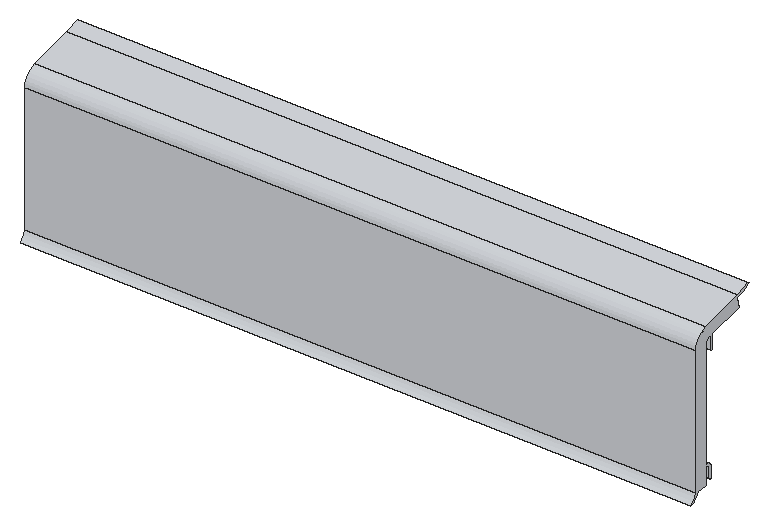
Revit family "HansWeitzel_52680", category Allgemeines Modell, Revit 2017
Family settings
  Kann Basisbauteil für Bewehrung sein = Nein
  Bemaßung runder Anschluss = Durchmesser verwenden
  Teiletyp = Normal
  Arbeitsebenenbasiert = Nein
  Immer vertikal = Ja
  Beim Laden mit Abzugskörper schneiden = Nein
  Gemeinsam genutzt = Nein
  Raumberechnungspunkt = Nein
Parameters
  max. Betriebstemperatur (°C) = 90
  Werkstoff = "PVC"
  Typname = "HZ-Sockelleiste SLF Plus Weiß, 2m"
  Tiefe (mm) = 39
  Selbstverlöschend = yes
  Profilform = "Hohlprofil"
  Profilart = "Sockelprofil"
  Menge pro Verpackungseinheit = 10
  Length3 = 400 mm
  Ist Zubehör = no
  Ist System = no
  Höhe [mm] = 95
  Hersteller = "Hans Weitzel GmbH & Co. KG"
  HeinzeBIM = "https://www.heinze.de/bim/hz-sockelleiste-slf-plus-weiss-2m/efd02a2e2b4f09da970f268e0a658b5af052e636"
  HAN = "52680"
  Gewicht unverpackt (netto) [kg] = 0.825
  GTIN = "4022023112412"
  Farbton = "weiß"
  Dekor = "Plus Weiß"
  Breite [mm] = 2000
  Brandklasse B2 = yes
  Beschreibung = "HZ-Sockelleiste SLF Plus Weiß, 2m mit zusätzl. Dichtlippe zum Boden"
  BIMSITE_PRODUCT_ID = "efd02a2e2b4f09da970f268e0a658b5af052e636"
  BIM = "https://media.live.bim.site/t/eyJhbGciOiJIUzI1NiIsInR5cCI6IkpXVCJ9.eyJjdCI6MSwidGYiOiJwdWJsaWMvaGFucy13ZWl0emVsLWdtYmgtY28ta2cvMjI1MGEyZS9IWl9TTEZfUGx1c19Qcm9maWwucmZhIiwiY2lkIjoiZmVkOThlOWEtMWJkOC00YzY4LWE3M2ItNzRhOTRlMzE1ODIzIiwicmlkIjoiOWFmOWMxYjFkZTUzOTBiMjA2Y2M0YTgxZThmYTY2ZjUiLCJwaWQiOiJlZmQwMmEyZTJiNGYwOWRhOTcwZjI2OGUwYTY1OGI1YWYwNTJlNjM2Iiwic2lkIjoiNjM1NTgiLCJ1dCI6NSwibGMiOiJkZSIsImlhdCI6MTU4MDIxNDU0NCwiaXNzIjoiaHR0cHM6Ly9hcGkubGl2ZS5iaW0uc2l0ZSIsInN1YiI6ImY1ODZjNGI2LWE1MDgtNDI3YS05ODE4LTEzMTc5NjY1NzZiYyJ9.4jqQKOLpn3IjJxUZ1T3IpZ2cwmvq-4mtlyxMLa7hz3E/HZ_SLF_Plus_Profil.rfa"
Reference planes
  plane 1 "Center (Front/Back)": y = 0
  plane 2: z = 0
  plane 3 "Center (Left/Right)": x = 0
Forms (mm)
  Extrusion 1, solid, detail levels fine
    sketch origin (0, 0, 0) x (0, 1, 0) y (0, 0, 1)
      loop
        line (-31.5, 0.791) -> (-31.5, 11) -> (-29.75, 11)
        arc (-29.75, 11) -> (-29.043, 10.707) -> (-28.75, 10) r 1
        line (-28.75, 10) -> (-28.75, 4) -> (-27.75, 3) -> (-27.75, 10)
        arc (-27.75, 10) -> (-28.336, 11.414) -> (-29.75, 12) r 2
        line (-29.75, 12) -> (-31.5, 12) -> (-31.5, 76.545)
        arc (-31.5, 76.545) -> (-30.751, 77.994) -> (-29.355, 78.837) r 3
        line (-29.355, 78.837) -> (-27.5, 79.347) -> (-27.5, 71.5) -> (-26.5, 71.5) -> (-26.5, 79.621) -> (-6.471, 85.123) -> (-8.262, 90.853) -> (-6.8, 91.255)
        arc (-6.8, 91.255) -> (-2.957, 92.708) -> (0.452, 95) r 17.898
        arc (0.452, 95) -> (-3.246, 93.447) -> (-7.065, 92.219) r 46.507
        line (-7.065, 92.219) -> (-31.209, 85.587)
        arc (-31.209, 85.587) -> (-36.496, 82.03) -> (-38.561, 76.002) r 10
        line (-38.561, 76.002) -> (-38.561, 0)
        arc (-38.561, 0) -> (-39.976, -2.72) -> (-42.026, -5) r 12.178
        arc (-42.026, -5) -> (-39.19, -2.877) -> (-37.242, 0.082) r 10.289
        line (-37.242, 0.082) -> (-31.5, 0.791)
    from -200 to 200
  Extrusion 2, solid, detail levels medium
    sketch origin (0, 0, 0) x (0, 1, 0) y (0, 0, 1)
      loop
        line (-7.065, 92.219) -> (-31.209, 85.587)
        arc (-31.209, 85.587) -> (-36.496, 82.03) -> (-38.561, 76.002) r 10
        line (-38.561, 76.002) -> (-38.561, 0)
        arc (-38.561, 0) -> (-39.976, -2.72) -> (-42.026, -5) r 12.178
        line (-42.026, -5) -> (-31.5, 0.791) -> (-31.5, 11) -> (-28.75, 11) -> (-28.75, 3) -> (-27.75, 3) -> (-27.75, 12) -> (-31.5, 12) -> (-31.5, 76.545)
        arc (-31.5, 76.545) -> (-30.751, 77.994) -> (-29.355, 78.837) r 3
        line (-29.355, 78.837) -> (-27.5, 79.347) -> (-27.5, 71.5) -> (-26.5, 71.5) -> (-26.5, 79.621) -> (-6.471, 85.123) -> (0.452, 95)
        arc (0.452, 95) -> (-3.246, 93.447) -> (-7.065, 92.219) r 46.507
    from -200 to 200
  Extrusion 3, solid, detail levels coarse
    sketch origin (0, 0, 0) x (0, 1, 0) y (0, 0, 1)
      loop
        line (-42.026, -5) -> (0.452, -5) -> (0.452, 95) -> (-42.026, 95) -> (-42.026, -5)
    from -200 to 200
Dimensions and locks
  equal spacing: Extrusion 3, plane 3 "Center (Left/Right)", Extrusion 3
  "Length3": Extrusion 3 to Extrusion 3
  aligned and locked: level to plane 2
  aligned and locked: Extrusion 1 to Extrusion 3
  aligned and locked: Extrusion 2 to Extrusion 3
  aligned and locked: Extrusion 3 to Extrusion 1
  aligned and locked: Extrusion 3 to Extrusion 2
Automatic sketch dimensions
  plane 1 "Center (Front/Back)" to Extrusion 3 sketch curve = 42.026 mm
  Extrusion 3 sketch curve to plane 1 "Center (Front/Back)" = 0.452 mm
  Extrusion 3 sketch curve to level = 5 mm
  level to Extrusion 3 sketch curve = 95 mm
  Extrusion 2 sketch curve to Extrusion 2 sketch curve = 0 mm  (x3)
  plane 1 "Center (Front/Back)" to Extrusion 2 sketch curve = 38.561 mm
  level to Extrusion 2 sketch curve = 0.791 mm
  Extrusion 2 sketch curve to Extrusion 2 sketch curve = 7.061 mm
  Extrusion 2 sketch curve to Extrusion 2 sketch curve = 0.291 mm
  Extrusion 2 sketch curve to Extrusion 2 sketch curve = 2.145 mm
  Extrusion 2 sketch curve to Extrusion 2 sketch curve = 2.75 mm
  Extrusion 2 sketch curve to Extrusion 2 sketch curve = 2.939 mm
  Extrusion 2 sketch curve to Extrusion 2 sketch curve = 1 mm  (x3)
  Extrusion 2 sketch curve to Extrusion 2 sketch curve = 1.855 mm
  plane 1 "Center (Front/Back)" to Extrusion 2 sketch curve = 19.383 mm
  plane 1 "Center (Front/Back)" to Extrusion 2 sketch curve = 7.065 mm
  plane 1 "Center (Front/Back)" to Extrusion 2 sketch curve = 6.471 mm
  Extrusion 2 sketch curve to plane 1 "Center (Front/Back)" = 0.452 mm
  level to Extrusion 2 sketch curve = 3 mm
  Extrusion 2 sketch curve to Extrusion 2 sketch curve = 8 mm
  Extrusion 2 sketch curve to Extrusion 2 sketch curve = 7.337 mm
  Extrusion 2 sketch curve to Extrusion 2 sketch curve = 2.893 mm
  Extrusion 2 sketch curve to Extrusion 2 sketch curve = 0.51 mm
  Extrusion 2 sketch curve to Extrusion 2 sketch curve = 0.275 mm
  Extrusion 2 sketch curve to Extrusion 2 sketch curve = 7.096 mm
  Extrusion 2 sketch curve to level = 0 mm
  Extrusion 2 sketch curve to Extrusion 2 sketch curve = 3.466 mm
  level to Extrusion 2 sketch curve = 4.218 mm
  Extrusion 1 sketch curve to Extrusion 1 sketch curve = 0 mm  (x5)
  Extrusion 1 sketch curve to level = 0 mm
  level to Extrusion 1 sketch curve = 4.218 mm
  Extrusion 1 sketch curve to Extrusion 1 sketch curve = 3.303 mm
  plane 1 "Center (Front/Back)" to Extrusion 1 sketch curve = 38.561 mm
  level to Extrusion 1 sketch curve = 0.791 mm
  Extrusion 1 sketch curve to Extrusion 1 sketch curve = 7.061 mm
  Extrusion 1 sketch curve to Extrusion 1 sketch curve = 0.291 mm
  Extrusion 1 sketch curve to Extrusion 1 sketch curve = 1.75 mm
  Extrusion 1 sketch curve to Extrusion 1 sketch curve = 2.145 mm
  Extrusion 1 sketch curve to Extrusion 1 sketch curve = 1 mm  (x4)
  Extrusion 1 sketch curve to Extrusion 1 sketch curve = 2.939 mm
  Extrusion 1 sketch curve to Extrusion 1 sketch curve = 1.855 mm
  plane 1 "Center (Front/Back)" to Extrusion 1 sketch curve = 19.383 mm
  plane 1 "Center (Front/Back)" to Extrusion 1 sketch curve = 11.17 mm
  plane 1 "Center (Front/Back)" to Extrusion 1 sketch curve = 8.262 mm
  Extrusion 1 sketch curve to Extrusion 1 sketch curve = 1.197 mm
  Extrusion 1 sketch curve to Extrusion 1 sketch curve = 0.265 mm
  Extrusion 1 sketch curve to Extrusion 1 sketch curve = 1.791 mm
  level to Extrusion 1 sketch curve = 3 mm
  Extrusion 1 sketch curve to Extrusion 1 sketch curve = 0.042 mm
  Extrusion 1 sketch curve to Extrusion 1 sketch curve = 6 mm
  Extrusion 1 sketch curve to Extrusion 1 sketch curve = 4.444 mm
  Extrusion 1 sketch curve to Extrusion 1 sketch curve = 0.51 mm
  Extrusion 1 sketch curve to Extrusion 1 sketch curve = 0.275 mm
  Extrusion 1 sketch curve to Extrusion 1 sketch curve = 6.132 mm
  Extrusion 1 sketch curve to Extrusion 1 sketch curve = 0.402 mm
  level to Extrusion 1 sketch curve = 0.082 mm
  Extrusion 1 sketch curve to Extrusion 1 sketch curve = 1.318 mm
  Extrusion 1 sketch curve to Extrusion 1 sketch curve = 59.5 mm
  Extrusion 1 sketch curve to Extrusion 1 sketch curve = 0.058 mm
  Extrusion 1 sketch curve to Extrusion 1 sketch curve = 0.601 mm
  Extrusion 1 sketch curve to Extrusion 1 sketch curve = 5.501 mm
  Extrusion 1 sketch curve to Extrusion 1 sketch curve = 0.964 mm
  Extrusion 1 sketch curve to Extrusion 1 sketch curve = 16.392 mm
  Extrusion 1 sketch curve to Extrusion 1 sketch curve = 28.454 mm
  Extrusion 2 sketch curve to Extrusion 2 sketch curve = 59.5 mm
  Extrusion 2 sketch curve to Extrusion 2 sketch curve = 0.543 mm
  Extrusion 2 sketch curve to Extrusion 2 sketch curve = 5.501 mm
  Extrusion 2 sketch curve to Extrusion 2 sketch curve = 2.781 mm
  Extrusion 1 sketch curve to Extrusion 1 sketch curve = 8.122 mm
  Extrusion 2 sketch curve to Extrusion 2 sketch curve = 11.424 mm
